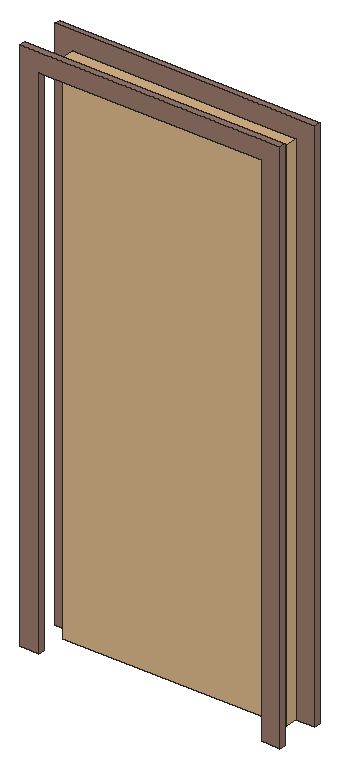
Revit family
Parameters (values of type "0915 x 2134mm")
  Thickness = 51.00 mm
  문 재료 = 문 - 패널
  프레임 재료 = 문 - 프레임
  Height = 2134.00 mm
  자르기 투영 외부 = 25.00 mm
  자르기 투영 내부 = 25.00 mm
  자르기 폭 = 76.00 mm
  Wall Closure = (empty or 0)
  Width = 915.00 mm
Types (7, lengths in mm): name | Height | Width
  0915 x 2134mm | 2134.00 | 915.00
  0864 x 2134mm | 2134.00 | 864.00
  0813 x 2134mm | 2134.00 | 813.00
  0762 x 2134mm | 2134.00 | 762.00
  0762 x 2032mm | 2032.00 | 762.00
  0915 x 2032mm | 2032.00 | 915.00
  0864 x 2032mm | 2032.00 | 864.00
Reference planes
  plane 1: y = 0
  plane 2: z = 0
  plane 3: x = 0
  plane 4: x = -457.5
  plane 5: x = 457.5
  plane 6: z = 2134
Forms (mm)
  Extrusion 1, solid, material "문 - 패널" <- "문 재료"
    sketch origin (0, 0, 0) x (1, 0, 0) y (0, 0, 1)
      loop
        line (-457.5, 2134) -> (-457.5, 0) -> (457.5, 0) -> (457.5, 2134) -> (-457.5, 2134)
    from -76.2 to -25.2
  Extrusion 2, solid, material "문 - 프레임" <- "프레임 재료"
    sketch origin (-1524, -76.2, 0) x (1, 0, 0) y (0, 0, 1)
      loop
        line (990.5, 2210) -> (990.5, 0) -> (1066.5, 0) -> (1066.5, 2134) -> (1981.5, 2134) -> (1981.5, 0) -> (2057.5, 0) -> (2057.5, 2210) -> (990.5, 2210)
    from 0 to 25
  Extrusion 3, solid, material "문 - 프레임" <- "프레임 재료"
    sketch origin (-1524, 76.2, 0) x (-1, 0, 0) y (0, 0, 1)
      loop
        line (-2057.5, 2210) -> (-2057.5, 0) -> (-1981.5, 0) -> (-1981.5, 2134) -> (-1066.5, 2134) -> (-1066.5, 0) -> (-990.5, 0) -> (-990.5, 2210) -> (-2057.5, 2210)
    from 0 to 25
Lines and regions (mm)
  Opening 1
    outline origin (-1524, -76.2, 3657.6) x (0, 0, -1) y (1, 0, 0)
      loop
        line (1523.6, 1066.5) -> (3657.6, 1066.5) -> (3657.6, 1981.5) -> (1523.6, 1981.5) -> (1523.6, 1066.5)
  symbolic lines, style "DoorsPanelProjection"
    curve 1: line (457.5, 76.2, 0) -> (406.5, 76.2, 0)
    curve 2: line (457.5, 76.2, 0) -> (457.5, 991.472, 0)
    curve 3: line (457.5, 991.472, 0) -> (406.5, 991.472, 0)
    curve 4: line (406.5, 76.2, 0) -> (406.5, 991.472, 0)
  model lines, style "DoorsFrameMullionProjection"
    curve 5: line (-533.5, -76.2, 0) -> (-533.5, -76.2, 2210)
    curve 6: line (-533.5, -76.2, 2210) -> (533.5, -76.2, 2210)
    curve 7: line (533.5, -76.2, 2210) -> (533.5, -76.2, 0)
    curve 8: line (533.5, 76.2, 0) -> (533.5, 76.2, 2210)
    curve 9: line (-533.5, 76.2, 2210) -> (533.5, 76.2, 2210)
    curve 10: line (-533.5, 76.2, 2210) -> (-533.5, 76.2, 0)
  symbolic lines, style "평면 스윙"
    curve 11: arc (406.5, 991.472, 0) -> (-208.486, 706.11, 0) -> (-459.191, 76.2, 0) r 916.691
  symbolic lines, style "입면도 스윙"
    curve 12: line (-457.5, 0, 2134) -> (457.5, 0, 1067)
    curve 13: line (457.5, 0, 1067) -> (-457.5, 0, 0)
Dimensions and locks
  equal spacing: plane 4, plane 3, plane 5
  "Width": plane 4 to plane 5
  locked: host wall to curve 1
  control icon elem to plane 5 = 261.908 mm
  "Height": plane 6 to plane 2
  "자르기 폭": plane 4 to curve 5
  "자르기 폭": plane 5 to curve 7
  "자르기 폭": plane 6 to curve 6
  locked: curve 9 to host wall
  "자르기 투영 외부": Extrusion 3 to host wall
  "자르기 투영 내부": Extrusion 2 to host wall
  "Thickness": curve 4 to plane 5
  "Thickness": Extrusion 1 to host wall
  equal spacing: plane 6, curve 13, level
  aligned and locked: host wall to Extrusion 1
  aligned and locked: plane 2 to curve 5
  aligned and locked: curve 7 to level
  aligned and locked: curve 8 to curve 7
  aligned and locked: curve 6 to Extrusion 2 sketch curve
  aligned and locked: Extrusion 2 sketch curve to curve 5
  aligned and locked: Extrusion 2 sketch curve to curve 7
  aligned and locked: Extrusion 2 to Extrusion 3 sketch curve
  aligned and locked: Extrusion 3 sketch curve to Extrusion 2  (x2)
Automatic sketch dimensions
  Opening 1 sketch curve to plane 6 = 0.00 mm
  Opening 1 sketch curve to level = 0.00 mm
  Opening 1 sketch curve to plane 4 = 0.00 mm
  Opening 1 sketch curve to plane 5 = 0.00 mm
  Extrusion 1 sketch curve to plane 4 = 0.00 mm
  Extrusion 1 sketch curve to plane 5 = 0.00 mm
  Extrusion 1 sketch curve to level = 0.00 mm
  Extrusion 1 sketch curve to plane 6 = 0.00 mm
  Extrusion 2 sketch curve to level = 0.00 mm  (x2)
  Extrusion 2 sketch curve to plane 4 = 0.00 mm
  Extrusion 2 sketch curve to plane 5 = 0.00 mm
  Extrusion 2 sketch curve to plane 6 = 0.00 mm
  Extrusion 3 sketch curve to level = 0.00 mm  (x2)
  Extrusion 3 sketch curve to plane 5 = 0.00 mm
  Extrusion 3 sketch curve to plane 4 = 0.00 mm
  Extrusion 3 sketch curve to plane 6 = 0.00 mm
  curve 1 to plane 5 = 0.00 mm
  curve 11 to plane 5 = 0.00 mm
  plane 4 to curve 11 = 1.691 mm
  curve 11 to host wall = 0.00 mm
  curve 12 to plane 4 = 0.00 mm
  curve 12 to plane 6 = 0.00 mm
  curve 13 to plane 5 = 0.00 mm
  curve 10 to level = 0.00 mm
  curve 8 to level = 0.00 mm
  curve 13 to level = 0.00 mm
  curve 13 to plane 4 = 0.00 mm
  curve 9 to curve 5 = 0.00 mm
  curve 10 to curve 5 = 0.00 mm
